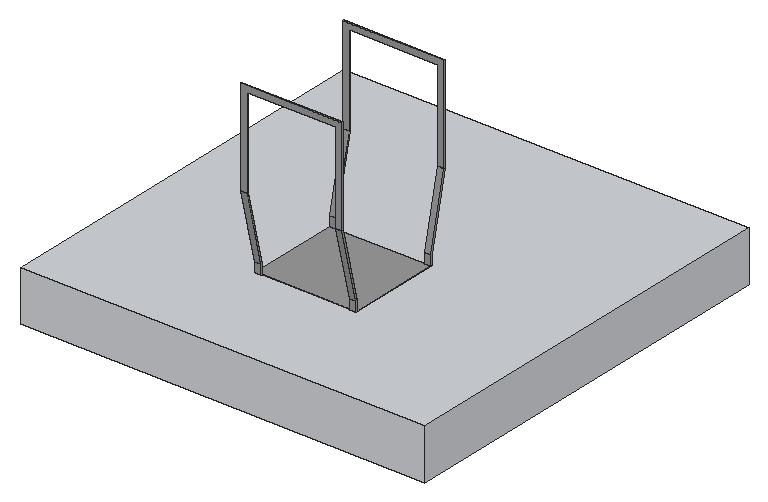
Revit family "Ladder (Extension Rails)", category Generic Models, Revit 2014
Parameters (values of type "Ladder Landing")
  Width - Clr [instance] = 1' - 10"
  Top Landing Depth [instance] = 2' - 0"
  Safety Handrail Top Landing Ext = 0' - 0"
  Landing Extension [instance] = 1' - 0"
  Height = 0' - 0"
  Default Elevation = 0' - 0 1/4"
Reference planes (in)
  plane 1 "Center (Front/Back)": y = 0
  plane 2: z = 0
  plane 3 "Center (Left/Right)": x = 11
  plane 4: z = 0
  plane 5: z = 0
  plane 6: z = 0
  plane 7: z = 0
  plane 8: z = 0
  plane 9: z = 0
  plane 10: y = -11
  plane 11: y = -22
  plane 12: y = 4.25
  plane 13: y = -26.25
  plane 14: x = -13
Forms (in)
  Extrusion 1, solid
    sketch origin (0, 0, 0) x (1, 0, 0) y (0, 1, 0)
      loop
        line (-48, 48) -> (-48, -48) -> (48, -48) -> (48, 48) -> (-48, 48)
    from 0 to -12
  Extrusion 2, solid, material "Steel ASTM A36"
    sketch origin (0, 0, 0) x (1, 0, 0) y (0, 0, 1)
      loop
        line (11, -1.25) -> (11, 0) -> (-13, 0) -> (-13, -1.25) -> (11, -1.25)
    from 0 to 22
  Extrusion 3, solid, material "Steel ASTM A36"
    sketch origin (0, 4, 0) x (1, 0, 0) y (0, 0, 1)
      loop
        line (-13, 19) -> (-11.5, 19) -> (-11.5, 40.5) -> (9.5, 40.5) -> (9.5, 19) -> (11, 19) -> (11, 42) -> (-13, 42) -> (-13, 19)
    from 0 to -0.25
  Extrusion 4, solid, material "Steel ASTM A36"
    sketch origin (-13, 4, 19) x (0, 0, 1) y (0, 1, 0)
      loop
        line (-20.25, -3.75) -> (-20.25, -4) -> (-16.72056, -4) -> (0, -0.00703) -> (0, 0.25) -> (-16.75, -3.75) -> (-20.25, -3.75)
    from 0 to -1.5
  Extrusion 5, solid, material "Steel ASTM A36"
    sketch origin (-1.75, 4, 70) x (0, 0, 1) y (0, 1, 0)
      loop
        line (-73.75, -3.75) -> (-73.75, -4) -> (-67.72056, -4) -> (-51, -0.00703) -> (-51, 0.25) -> (-67.75, -3.75) -> (-73.75, -3.75)
    from -11.25 to -12.75
  Extrusion 6, solid, material "Steel ASTM A36"
    sketch origin (0, -24, 0) x (1, 0, 0) y (0, 0, -1)
      loop
        line (-13, -19) -> (-13, -42) -> (11, -42) -> (11, -19) -> (9.5, -19) -> (9.5, -40.5) -> (-11.5, -40.5) -> (-11.5, -19) -> (-13, -19)
    from -2 to -2.25
  Extrusion 7, solid, material "Steel ASTM A36"
    sketch origin (-1.75, -24, 70) x (0, 0, 1) y (0, 1, 0)
      loop
        line (-73.75, 1.75) -> (-67.75, 1.75) -> (-51, -2.25) -> (-51, -1.99297) -> (-67.72056, 2) -> (-73.75, 2) -> (-73.75, 1.75)
    from -11.25 to -12.75
  Extrusion 8, solid, material "Steel ASTM A36"
    sketch origin (-12.5, -24, 70) x (0, 0, 1) y (0, 1, 0)
      loop
        line (-71.25, 1.75) -> (-67.75, 1.75) -> (-51, -2.25) -> (-51, -1.99297) -> (-67.72056, 2) -> (-71.25, 2) -> (-71.25, 1.75)
    from 0.5 to -1
  Extrusion 9, solid
    sketch origin (-1.72883, 0, -3.75) x (1, 0, 0) y (0, -1, 0)
      loop
        line (10.22883, -1.18631) -> (17.22883, -1.18631) -> (17.22883, 1.06369) -> (10.22883, 1.06369) -> (10.22883, -1.18631)
      loop
        line (10.22883, 20.81369) -> (17.22883, 20.81369) -> (17.22883, 23.06369) -> (10.22883, 23.06369) -> (10.22883, 20.81369)
    from 0 to 0.25
Lines and regions (in)
  reference lines
    curve 1: line (-7.7592, -11, 0) -> (13.9908, -11, 0)
Dimensions and locks (in)
  locked: Extrusion 2 sketch curve to Extrusion 2 sketch curve at 1.25
  "Height": plane 4 to Extrusion 1
  equal spacing: plane 4, plane 5, plane 6, plane 7, plane 9, plane 8, level
  plane 4 to plane 5 = 0' - 0"
  Extrusion 2 to Extrusion 1 = 0' - 0"
  Extrusion 3 sketch curve to Extrusion 3 sketch curve = 0' - 1 1/2"  (x2)
  locked: Extrusion 3 sketch curve to Extrusion 3 sketch curve at 1.5  (x2)
  locked: Extrusion 3 sketch curve to Extrusion 2 at 40.5
  equal spacing: plane 11, plane 10, plane 1 "Center (Front/Back)"
  "Width - Clr": plane 11 to plane 1 "Center (Front/Back)"
  locked: plane 1 "Center (Front/Back)" to plane 12 at 4.25
  locked: plane 11 to plane 13 at 4.25
  Extrusion 6 sketch curve to Extrusion 6 sketch curve = 0' - 1 1/2"  (x2)
  locked: Extrusion 6 sketch curve to Extrusion 6 sketch curve at 1.5  (x2)
  locked: plane 13 to Extrusion 6 at 0.25
  "Top Landing Depth": plane 14 to plane 3 "Center (Left/Right)"
  Extrusion 1 to Extrusion 7 = 0' - 3 3/4"
  locked: Extrusion 9 to Extrusion 2 at 2.5
  locked: Extrusion 9 to Extrusion 5 at 1.18631
  locked: Extrusion 9 to Extrusion 2 at 1.06369
  locked: Extrusion 9 to Extrusion 9 at 2.25  (x2)
  aligned and locked: plane 2 to Extrusion 1
  aligned and locked: level to Extrusion 1
  aligned and locked: Extrusion 2 sketch curve to plane 4
  aligned and locked: Extrusion 3 to Extrusion 4
  aligned and locked: Extrusion 5 to Extrusion 4  (x3)
  aligned and locked: Extrusion 3 to Extrusion 5
  aligned and locked: plane 3 "Center (Left/Right)" to Extrusion 2 sketch curve
  aligned and locked: Extrusion 4 to Extrusion 2
  aligned and locked: Extrusion 2 to plane 11
  aligned and locked: Extrusion 7 to Extrusion 6
  aligned and locked: plane 13 to Extrusion 6
  aligned and locked: plane 11 to Extrusion 7
  aligned and locked: Extrusion 2 to Extrusion 8
  aligned and locked: Extrusion 8 to Extrusion 4
  aligned and locked: Extrusion 2 to plane 14
  aligned and locked: Extrusion 3 to plane 14
  aligned and locked: Extrusion 4 to Extrusion 3
  aligned and locked: Extrusion 8 to Extrusion 6
  aligned and locked: Extrusion 6 to Extrusion 8
  aligned and locked: Extrusion 5 to Extrusion 7
Automatic sketch dimensions
  Extrusion 1 sketch curve to Extrusion 1 sketch curve = 8' - 0"  (x2)
  curve 1 to plane 10 = 0' - 0"
  plane 3 "Center (Left/Right)" to curve 1 = 0' - 2.9908"
  Extrusion 3 sketch curve to plane 3 "Center (Left/Right)" = 0' - 0"
  level to Extrusion 3 sketch curve = 1' - 7"
  Extrusion 3 sketch curve to Extrusion 3 sketch curve = 0' - 0"
  Extrusion 4 sketch curve to Extrusion 3 = 0' - 0"  (x2)
  Extrusion 4 sketch curve to Extrusion 3 = 0' - 4"
  Extrusion 3 to Extrusion 4 sketch curve = 1' - 4.72056"
  Extrusion 4 sketch curve to Extrusion 4 sketch curve = 0' - 0.02944"
  Extrusion 4 sketch curve to Extrusion 4 sketch curve = 0' - 3 1/2"
  Extrusion 4 sketch curve to Extrusion 4 sketch curve = 0' - 0 1/4"
  Extrusion 4 sketch curve to Extrusion 3 = 0' - 0.00703"
  Extrusion 5 sketch curve to plane 1 "Center (Front/Back)" = 0' - 0"
  Extrusion 5 sketch curve to plane 12 = 0' - 0"
  Extrusion 5 sketch curve to level = 0' - 3 3/4"
  Extrusion 5 sketch curve to plane 1 "Center (Front/Back)" = 0' - 0 1/4"
  level to Extrusion 5 sketch curve = 0' - 2 1/4"
  Extrusion 5 sketch curve to Extrusion 5 sketch curve = 0' - 0.02944"
  Extrusion 5 sketch curve to Extrusion 5 sketch curve = 1' - 4 3/4"
  Extrusion 5 sketch curve to plane 12 = 0' - 0.25703"
  Extrusion 6 sketch curve to plane 3 "Center (Left/Right)" = 0' - 0"
  level to Extrusion 6 sketch curve = 3' - 6"
  level to Extrusion 6 sketch curve = 1' - 7"
  Extrusion 6 sketch curve to Extrusion 6 sketch curve = 0' - 0"
  Extrusion 7 sketch curve to plane 11 = 0' - 0"
  Extrusion 7 sketch curve to plane 13 = 0' - 0"
  Extrusion 7 sketch curve to level = 0' - 3 3/4"
  Extrusion 7 sketch curve to plane 11 = 0' - 0 1/4"
  level to Extrusion 7 sketch curve = 0' - 2 1/4"
  Extrusion 7 sketch curve to Extrusion 7 sketch curve = 0' - 0.02944"
  Extrusion 7 sketch curve to Extrusion 7 sketch curve = 1' - 4 3/4"
  Extrusion 7 sketch curve to plane 13 = 0' - 0.25703"
  Extrusion 8 sketch curve to plane 11 = 0' - 0"
  Extrusion 8 sketch curve to plane 13 = 0' - 0"
  Extrusion 8 sketch curve to level = 0' - 1 1/4"
  Extrusion 8 sketch curve to plane 11 = 0' - 0 1/4"
  level to Extrusion 8 sketch curve = 0' - 2 1/4"
  Extrusion 8 sketch curve to Extrusion 8 sketch curve = 0' - 0.02944"
  Extrusion 8 sketch curve to Extrusion 8 sketch curve = 1' - 4 3/4"
  Extrusion 8 sketch curve to plane 13 = 0' - 0.25703"
  Extrusion 3 sketch curve to Extrusion 3 sketch curve = 1' - 9"
  Extrusion 6 sketch curve to Extrusion 6 sketch curve = 1' - 9"
  curve 1 to plane 3 "Center (Left/Right)" = 1' - 6.7592"
  Extrusion 5 to Extrusion 9 sketch curve = 0' - 1"  (x2)
  Extrusion 5 to Extrusion 9 sketch curve = 0' - 4 1/2"  (x2)
  Extrusion 9 sketch curve to Extrusion 5 = 0' - 0.93631"
  Extrusion 5 to Extrusion 9 sketch curve = 0' - 1.06369"
  Extrusion 9 sketch curve to Extrusion 9 sketch curve = 1' - 7 3/4"
  Extrusion 9 sketch curve to Extrusion 9 sketch curve = 0' - 2 1/4"
  Extrusion 2 sketch curve to plane 14 = 0' - 0"
